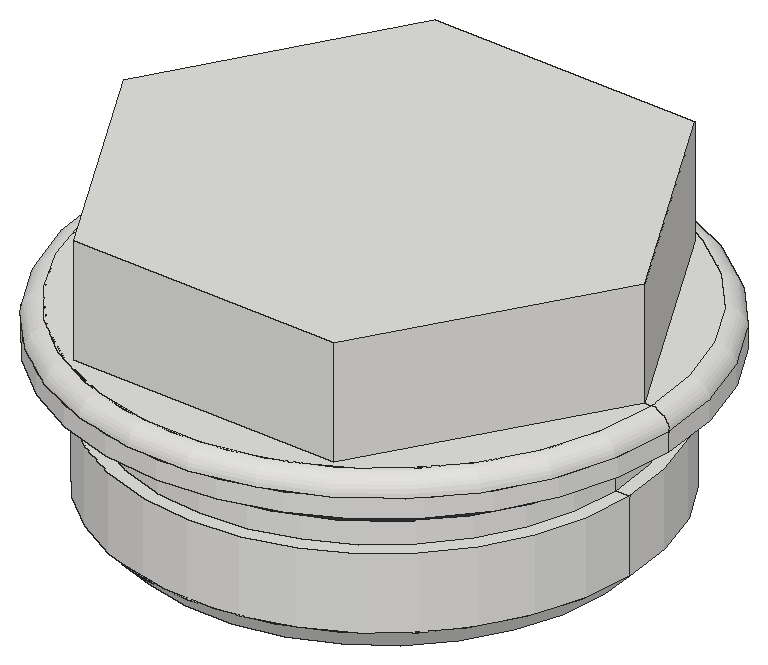
Revit family "VT.0600.0.06", category Оборудование, Revit 2019
Family settings
  Размер круглого соединителя = Использовать диаметр
  Тип детали = Нормальный
  Номер OmniClass = 23.75.00.00
  Заголовок OmniClass = Climate Control (HVAC)
  На основе рабочей плоскости = Нет
  Всегда вертикально = Да
  При загрузке вырезать с полостями = Нет
  Общий = Нет
  Точка расчета площади = Нет
Parameters (values of type "Nickel")
  Страна производитель = "Italy"
  Семейство продуктов = "Тепловая электростанция"
  Размер соединения = "G 1\"1/4 M"
  Практическое руководство по использованию семьи = "- Вы должны выбрать один и только один тип отделочного материала для мужской кепки. Отметьте эту опцию в «Название типа - Никель» или «Название типа - Желтый»."
  Описание Конфигурации = "Пробка"
  Описание OmniClass = "HVAC Специальные продукты и оборудование"
  Описание NBS = "Арматура"
  Номинальная ширина = 0 mm
  Номинальная высота = 0 mm
  Название производителя = "IVAR"
  Материал основной = "Brass"
  Материал вторичный = ""
  Материал = "Nickel plated brass - CW617N"
  Мастерформат 2014 Описание = "Отопление, вентиляция и кондиционирование воздуха (HVAC)"
  Код основной категории BIMobject = "водопровод"
  Код категории BIMобъекта = "водопроводным-другой"
  Классификация IFC = "Клапан"
  Группа продуктов = "Varimix"
  Вес нетто (кг) = "0"
  Youtube clip = ""
  Uniformat II Описание = "HVAC"
  Uniclass 2015 Name = "Системы отопления, охлаждения и охлаждения"
  Uniclass 2.0 Описание = "Арматура"
  Uniclass 1.4 Описание = "Климат-контроль установки и оборудование (HVAC)"
  URL = "https://www.ivar-group.com/en/web/international/ac-600/p-18164-2496"
  Technical description = "https://www.ivar-group.com/en/web/international/modular-system-for-thermal-power-stations-varimix/c-2496-2486"
  SKU продукта = "VARIMIX"
  Revit Version = "2018"  # constant formula
  Изготовитель = "IVAR"  # constant formula
  Product url = "https://www.ivar-group.com/en/web/international/modular-system-for-thermal-power-stations-varimix/c-2496-2486"
  Product data url = "https://bimobject.com/ivar/product/VARIMIX"
  Product certification = "https://www.ivar-group.com/en/web/international/modular-system-for-thermal-power-stations-varimix/c-2496-2486"
  Product Line = "THERMAL POWER STATION"  # constant formula
  Product Guid = "9f5aa4b1-e878-4bce-a46d-16af8262626e"
  Produced in = "Made in Italy"  # constant formula
  Группа модели = "AC 600"  # constant formula
  Manifacturer URL = "https://www.ivar-group.com/en/web/international/home"
  LOD = "LOD400"  # constant formula
  Item code_IVAR [instance] = "500905"
  Installation instructions = "https://www.ivar-group.com/en/web/international/modular-system-for-thermal-power-stations-varimix/c-2496-2486"
  GTIN code = ""
  Finishing = Brass - Nickel
  Family Version = "Rev.00"  # constant formula
  EMCS Version = "3.0"  # constant formula
  Discharge of responsability = "BIM models made by I.V.A.R. S.p.A. are designed as an aid to design and they must be always verified by the end user. I.V.A.R. S.p.A. has no responsibility for any direct or indirect damages of any kind, deriving or resulting from the use of such files."  # constant formula
  Описание = "Male cap"  # constant formula
  Copyright = "©Copyright 2019 I.V.A.R. S.p.A. "  # constant formula
  COBIe Тип Категория = ""
  Brand url = "http://www.ivar-group.com/en/web/international/home"
  BIMобъект основная категория = "Водопровод"
  BIMобъект категории = "Другое"
  Article Type = Группа модели  # "AC 600"
  Article Description = Описание  # "Male cap"
Types (2, lengths in mm): name | Семейство продуктов | Размер соединения | Практическое руководство по использованию семьи | Описание Конфигурации | Описание OmniClass | Описание NBS | Материал | Мастерформат 2014 Описание | Код основной категории BIMobject | Код категории BIMобъекта | Классификация IFC | Uniclass 2015 Name | Uniclass 2.0 Описание | Uniclass 1.4 Описание | Item code_IVAR | Finishing | BIMобъект основная категория | BIMобъект категории
  Nickel | "Тепловая электростанция" | "G 1\"1/4 M" | "- Вы должны выбрать один и только один тип отделочного материала для мужской кепки. Отметьте эту опцию в «Название типа - Никель» или «Название типа - Желтый»." | "Пробка" | "HVAC Специальные продукты и оборудование" | "Арматура" | "Nickel plated brass - CW617N" | "Отопление, вентиляция и кондиционирование воздуха (HVAC)" | "водопровод" | "водопроводным-другой" | "Клапан" | "Системы отопления, охлаждения и охлаждения" | "Арматура" | "Климат-контроль установки и оборудование (HVAC)" | "500905" | Brass - Nickel | "Водопровод" | "Другое"
  Yellow | "Thermal Power Station" | "1\"1/4" | "You have to choose one and only one type of finishing material for male cap. Check this option in “Name of type – Nickel” or “Name of type – Yellow”." | "Male cap." | "HVAC Specific Products and Equipment" | "Valves" | "Brass - CW617N" | "Heating, Ventilating, and Air Conditioning (HVAC)" | "plumbing" | "plumbing-other" | "Valve" | "Heating, cooling and refrigeration systems" | "Valves" | "Climate control plant and equipment (HVAC)" | "500904" | BRASS - CW617N | "Plumbing" | "Other"
Reference planes
  plane 1 "RIF X": y = 0
  plane 2: z = 0
  plane 3 "RIF LL": x = 18500
  plane 4 "dietro": y = 69
  plane 5 "davanti": y = -69
Forms (mm)
  Extrusion 1, solid, material "Brass - Nickel" <- "Finishing", detail levels medium+fine
    sketch origin (18500, 18500, 3) x (-1, 0, 0) y (0, -1, 0)
      loop
        line (-10.97, 18481) -> (10.97, 18481) -> (21.939, 18500) -> (10.97, 18519) -> (-10.97, 18519) -> (-21.939, 18500) -> (-10.97, 18481)
    from 0 to 9
  Revolve 2, solid, material "Brass - Nickel" <- "Finishing", detail levels medium+fine
    sketch origin (0, 0, -79.467) x (1, 0, 0) y (0, 0, 1)
      loop
        line (18500, 82.467) -> (18477.468, 82.467)
        arc (18477.468, 82.467) -> (18476.43, 82.037) -> (18476, 80.999) r 1.468
        line (18476, 80.999) -> (18476, 79.467) -> (18500, 79.467) -> (18500, 82.467)
      axis (18500, 82.467) -> (18500, 79.467)
    angle from 0 to 360
  Revolve 3, solid, material "Brass - Nickel" <- "Finishing", detail levels medium+fine
    sketch origin (0, 0, -79.467) x (1, 0, 0) y (0, 0, 1)
      loop
        line (18500, 79.467) -> (18480.5, 79.467) -> (18480.5, 74.967) -> (18479.3, 74.967) -> (18479.3, 68.967) -> (18481.421, 66.846) -> (18500, 66.846) -> (18500, 79.467)
      axis (18500, 79.467) -> (18500, 66.846)
    angle from 0 to 360
  Revolve 4, solid, material "EPDM - Black", detail levels fine
    sketch origin (0, 0, -79.467) x (1, 0, 0) y (0, 0, 1)
      loop
        circle (18479.5, 78.467) r 1
      axis (18500, 78.467) -> (18500, 77.467)
    angle from 0 to 360
  Revolve 5, solid, material "Brass - Nickel" <- "Finishing", not visible, detail levels medium+fine
    sketch origin (0, 0, -79.467) x (1, 0, 0) y (0, 0, 1)
      loop
        line (18500, 79.467) -> (18499, 79.467) -> (18499, 78.467) -> (18500, 78.467) -> (18500, 79.467)
      axis (18500, 79.467) -> (18500, 78.467)
    angle from 0 to 360
Lines and regions (mm)
  model lines, style "IVAR_LOW PROFILE", detail levels coarse
    curve 1: line (18474.5, 0, 12) -> (18474.5, 0, -12.621)
    curve 2: line (18525.5, 0, 12) -> (18474.5, 0, 12)
    curve 3: line (18525.5, 0, 12) -> (18525.5, 0, -12.621)
    curve 4: line (18500, -25.5, 12) -> (18500, 25.5, 12)
    curve 5: line (18500, 25.5, -12.621) -> (18500, 25.5, 12)
    curve 6: line (18500, -25.5, -12.621) -> (18500, -25.5, 12)
    curve 7: line (18474.5, 0, -12.621) -> (18525.5, 0, -12.621)
    curve 8: line (18500, -25.5, -12.621) -> (18500, 25.5, -12.621)
Dimensions and locks
  aligned and locked: plane 2 to level
Connectors
  piping at (18500, 0, -1), diameter 32
    settings: on Revolve 5, index 1, connector inside diameter 609.6 mm, connector length 0 mm, flow factor 0, pipe flow 0.0 L/s, pressure drop 0.0 Pa, fitting loss kfactor 0, connector angle 0.00°, fixture units 0, engagement length 0 mm, angle of deflection 0.00°, flow configuration 0, flow direction 0, fitting loss method 0, system type 28, joint type 0, gender type 0, connector reference index -1, connector utility 0, adjustable connector no, is connector primary yes, connector description ""
